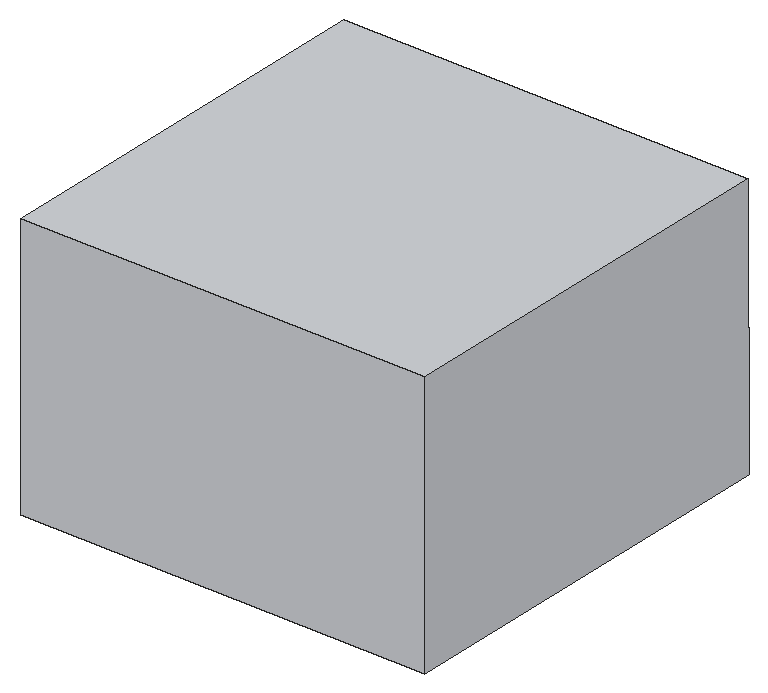
Revit family "Receptacle - Power - Surface", category Electrical Fixtures, host Face, Revit 2017
Family settings
  Host = Face
  Maintain Annotation Orientation = Yes
  Round Connector Dimension = Use Diameter
  Part Type = Normal
  Cut with Voids When Loaded = No
  Shared = No
  Room Calculation Point = No
Parameters (values of type "Emergency")
  WIRE SIZE FACTOR [instance] = 1.25
  VOLTAGE [instance] = 120 V
  VFD LOAD [instance] = no
  Type Comments = ""
  Symbol Visible [instance] = yes
  ScheduleType |RF| = "Elec Equipment Template"
  STANDARD CB SIZE UNITLESS [instance] = STANDARD CB SIZE / 1 A  # 15
  STANDARD CB SIZE [instance] = if(MAIN CIRCUIT BREAKER OVERRIDE, MAIN CIRCUIT BREAKER SIZE CUSTOM, if(MOTOR LOAD, (size_lookup(CIRCUIT BREAKER MOTOR LOOKUP, "STANDARD CB SIZE", FULL LOAD AMPS * CB SIZE MOTOR, (roundup(MINIMUM CB SIZE / 1 A) * 1 A))), if(VFD LOAD, (size_lookup(CIRCUIT BREAKER MOTOR LOOKUP, "STANDARD CB SIZE", FULL LOAD AMPS * CB SIZE VFD, (roundup(MINIMUM CB SIZE / 1 A) * 1 A))), (size_lookup(CIRCUIT BREAKER NON MOTOR LOOKUP, "STANDARD CB SIZE", FULL LOAD AMPS * 1.25, (roundup(MINIMUM CB SIZE / 1 A) * 1 A))))))  # 15 A
  SECONDARY CABLING FROM VFD TO MOTOR [instance] = "Edit This"
  QUANTITY OF MOTORS [instance] = 1
  PROVISIONS OF DISCONNECTING MEANS OTHER THAN DIV 26 [instance] = "Edit This"
  PROVISION OF DISCONNECTING MEANS BY DIV 26 [instance] = "Edit This"
  PROVISION OF CONTROLS/CONTROLLERS UNDER DIVISION OTHER THAN 26 [instance] = "Edit This"
  PROVISION OF CONTROLS/CONTROLLER BY DIV 26 [instance] = "Edit This"
  POLES [instance] = 1
  PHASE CONDUCTOR SIZE LOOKUP = "Phase Conductor Size Lookup"  # constant formula
  PHASE CONDUCTOR SIZE CUSTOM [instance] = "1"
  PHASE CONDUCTOR SIZE [instance] = if(CONDUIT WIRE OVERRIDE, PHASE CONDUCTOR SIZE CUSTOM, if(and(MOTOR LOAD, STANDARD CB SIZE > 30 A), (size_lookup(PHASE CONDUCTOR SIZE LOOKUP, "", "NA", roundup(MINIMUM CIRCUIT AMPACITY / 1 A / 1.25 * WIRE SIZE FACTOR) * 1 A)), if(and(VFD LOAD, STANDARD CB SIZE > 30 A), (size_lookup(PHASE CONDUCTOR SIZE LOOKUP, "", "NA", roundup(MINIMUM CIRCUIT AMPACITY / 1 A / 1.25 * WIRE SIZE FACTOR) * 1 A)), (size_lookup(PHASE CONDUCTOR SIZE LOOKUP, "", "NA", roundup((STANDARD CB SIZE / 1 A / 1.25 * WIRE SIZE FACTOR)) * 1 A)))))  # "#12"
  PHASE CONDUCTOR AREA [instance] = NUMBER OF PHASE CONDUCTORS * (size_lookup(CONDUCTOR AREA LOOKUP, "PHASE CONDUCTOR AREA", 0, roundup(MINIMUM CIRCUIT AMPACITY UNITLESS)))  # 0.0133
  PHASE [instance] = 1
  PARALLEL SET NON MOTOR LOOKUP = "Parallel Set CB Based"  # constant formula
  PARALLEL SET LOOKUP = "Parallel Set Lookup"  # constant formula
  PARALLEL SET CUSTOM [instance] = "1"
  PARALLEL SET [instance] = if(CONDUIT WIRE OVERRIDE, PARALLEL SET CUSTOM, if(MOTOR LOAD, (size_lookup(PARALLEL SET LOOKUP, "", "NA", roundup(MINIMUM CIRCUIT AMPACITY / 1 A) * 1 A)), size_lookup(PARALLEL SET NON MOTOR LOOKUP, "", "NA", STANDARD CB SIZE)))  # "1 SET"
  NUMBER OF PHASE CONDUCTORS CUSTOM [instance] = 1
  NUMBER OF PHASE CONDUCTORS [instance] = 1  # constant formula
  NUMBER OF GROUND CONDUCTORS [instance] = 1
  NEUTRAL REQUIRED [instance] = no
  MOTOR LOOKUP 4 = "120_1 Motor Lookup"  # constant formula
  MOTOR LOOKUP 3 = "208_1 Motor Lookup"  # constant formula
  MOTOR LOOKUP 2 = "208_3 Motor Lookup"  # constant formula
  MOTOR LOOKUP 1 = "480_3 Motor Lookup"  # constant formula
  MOTOR LOAD [instance] = no
  MINIMUM CIRCUIT AMPACITY UNITLESS [instance] = MINIMUM CIRCUIT AMPACITY / 1 A  # 0
  MINIMUM CIRCUIT AMPACITY [instance] = if(ELEVATOR LOAD, FULL LOAD AMPS * 1.4, FULL LOAD AMPS * 1.25)  # 0 A
  MINIMUM CB SIZE [instance] = ((if(MOTOR LOAD, FULL LOAD AMPS * CB SIZE MOTOR, if(ELEVATOR LOAD, FULL LOAD AMPS * CB SIZE ELEVATOR, if(VFD LOAD, FULL LOAD AMPS * CB SIZE VFD, FULL LOAD AMPS * CB SIZE NON MOTOR)))))  # 0 A
  MAIN CIRCUIT BREAKER SIZE CUSTOM [instance] = 0 A
  MAIN CIRCUIT BREAKER OVERRIDE [instance] = no
  Label Visible [instance] = yes
  LOAD CLASSIFICATION [instance] = Power
  INSTANCE DESCRIPTION [instance] = "what is this?"
  ID-TYPE [instance] = "Tag Type"
  ID-INSTANCE [instance] = "Tag #"
  HORSEPOWER [instance] = 20
  GROUND CONDUCTOR SIZE CUSTOM [instance] = "0"
  GROUND CONDUCTOR SIZE [instance] = if(CONDUIT WIRE OVERRIDE, GROUND CONDUCTOR SIZE CUSTOM, size_lookup(GROUND CONDUCTOR LOOKUP, "", "NA", STANDARD CB SIZE))  # "#12 G"
  GROUND CONDUCTOR LOOKUP = "Ground Conductor Lookup"  # constant formula
  GROUND CONDUCTOR AREA LOOKUP = "Ground Conductor Area Lookup"  # constant formula
  GROUND CONDUCTOR AREA [instance] = NUMBER OF GROUND CONDUCTORS * (size_lookup(GROUND CONDUCTOR AREA LOOKUP, "GROUND CONDUCTOR SIZE", 0, STANDARD CB SIZE UNITLESS))  # 0.0133
  FULL LOAD AMPS [instance] = if(QUANTITY OF MOTORS > 1, ((QUANTITY OF MOTORS * APPARENT LOAD) / VOLTAGE / sqrt(PHASE)), (APPARENT LOAD / VOLTAGE / sqrt(PHASE)))  # 0 A
  Emergency = yes
  ELEVATOR LOAD [instance] = no
  Default Elevation = 4' - 0"
  DISCONNECT SWITCH REQUIRED [instance] = no
  DISCONNECT SWITCH AMP SIZE [instance] = if(and(DISCONNECT SWITCH REQUIRED, MINIMUM CIRCUIT AMPACITY < 30 A), 30 A, if(and(DISCONNECT SWITCH REQUIRED, MINIMUM CIRCUIT AMPACITY < 60 A), 60 A, if(and(DISCONNECT SWITCH REQUIRED, MINIMUM CIRCUIT AMPACITY < 100 A), 100 A, if(and(DISCONNECT SWITCH REQUIRED, MINIMUM CIRCUIT AMPACITY < 200 A), 200 A, if(and(DISCONNECT SWITCH REQUIRED, MINIMUM CIRCUIT AMPACITY < 400 A), 400 A, if(and(DISCONNECT SWITCH REQUIRED, MINIMUM CIRCUIT AMPACITY < 600 A), 600 A, if(and(DISCONNECT SWITCH REQUIRED, MINIMUM CIRCUIT AMPACITY < 800 A), 800 A, if(and(DISCONNECT SWITCH REQUIRED, MINIMUM CIRCUIT AMPACITY < 1200 A), 1200 A, if(and(DISCONNECT SWITCH REQUIRED, MINIMUM CIRCUIT AMPACITY < 2000 A), 2000 A, 0 A)))))))))  # 0 A
  Coverplate extension = 0' - 0 1/2"
  Cover Plate Width = 0' - 4"
  Cover Plate Height = 0' - 4"
  CONDUIT WIRE OVERRIDE [instance] = no
  CONDUIT SIZE CUSTOM [instance] = "0"
  CONDUIT SIZE [instance] = if(CONDUIT WIRE OVERRIDE, CONDUIT SIZE CUSTOM, size_lookup(CONDUIT LOOKUP, "", "NA", (if(CONDUIT FILL CALC < 0.213, 0.122, if(CONDUIT FILL CALC < 0.346, 0.213, if(CONDUIT FILL CALC < 0.598, 0.346, if(CONDUIT FILL CALC < 0.814, 0.598, if(CONDUIT FILL CALC < 1.342, 0.814, if(CONDUIT FILL CALC < 1.946, 1.342, if(CONDUIT FILL CALC < 3, 1.946, if(CONDUIT FILL CALC < 4.004, 3, if(CONDUIT FILL CALC < 5.153, 4.004, 0))))))))))))  # "3/4\" C"
  CONDUIT LOOKUP = "Conduit Size Lookup Table"  # constant formula
  CONDUIT FILL CALC [instance] = GROUND CONDUCTOR AREA + PHASE CONDUCTOR AREA  # 0.0266
  CONDUCTOR AREA LOOKUP = "Conductor Area Lookup"  # constant formula
  CIRCUIT BREAKER NON MOTOR LOOKUP = "Circuit Breaker Non Motor Lookup"  # constant formula
  CIRCUIT BREAKER MOTOR LOOKUP = "Circuit Breaker Motor Lookup"  # constant formula
  CB SIZE VFD [instance] = 1.6
  CB SIZE NON MOTOR [instance] = 1.5
  CB SIZE MOTOR [instance] = 2
  CB SIZE ELEVATOR [instance] = 1.4
  Backbox Width = 0' - 4"
  Backbox Height = 0' - 4"
  Backbox Depth = 0' - 2 1/8"
  APPEARS IN EQUIP SCHEDULE [instance] = no
  APPARENT LOAD OVERRIDE VALUE [instance] = 0 VA
  APPARENT LOAD OVERRIDE [instance] = no
  APPARENT LOAD [instance] = if(APPARENT LOAD OVERRIDE, APPARENT LOAD OVERRIDE VALUE, if(and(VOLTAGE = 480 V, PHASE = 3), (size_lookup(MOTOR LOOKUP 1, "APPARENT LOAD", 0 VA, HORSEPOWER)), if(and(VOLTAGE = 208 V, PHASE = 3), (size_lookup(MOTOR LOOKUP 2, "APPARENT LOAD", 0 VA, HORSEPOWER)), if(and(VOLTAGE = 208 V, PHASE = 1), (size_lookup(MOTOR LOOKUP 3, "APPARENT LOAD", 0 VA, HORSEPOWER)), if(and(VOLTAGE = 120 V, PHASE = 1), (size_lookup(MOTOR LOOKUP 4, "APPARENT LOAD", 0 VA, HORSEPOWER)), 0 VA)))))  # 0 VA
Types (2): name | Emergency
  Plain | no
  Emergency | yes
Reference planes (in)
  plane 1 "Center (Front/Back)": y = 0
  plane 2: z = 0
  plane 3 "Center (Left/Right)": x = 0
Forms (in)
  Extrusion 1, solid, detail levels coarse+fine
    sketch origin (0, 0, 0) x (1, 0, 0) y (0, 1, 0)
      loop
        line (-2, 2) -> (-2, -2) -> (2, -2) -> (2, 2) -> (-2, 2)
    from 0 to 2.125
  Extrusion 2, solid, detail levels coarse+fine
    sketch origin (0, 0, 0) x (1, 0, 0) y (0, 1, 0)
      loop
        line (-2, 2) -> (-2, -2) -> (2, -2) -> (2, 2) -> (-2, 2)
    from 2.125 to 2.625
  Extrusion 3, solid, detail levels medium
    sketch origin (0, 0, 0) x (1, 0, 0) y (0, 1, 0)
      loop
        line (-2, 0) -> (-2, -0.0625) -> (2, -0.0625) -> (2, 0) -> (-2, 0)
    from 0 to 0.0625
Cuts and joins
  joined: Extrusion 1, Extrusion 2
Dimensions and locks (in)
  equal spacing: Extrusion 1, plane 3 "Center (Left/Right)", Extrusion 1
  "Backbox Width": Extrusion 1 to Extrusion 1
  equal spacing: Extrusion 1, plane 1 "Center (Front/Back)", Extrusion 1
  "Backbox Height": Extrusion 1 to Extrusion 1
  "Backbox Depth": Extrusion 1 to Extrusion 1
  equal spacing: Extrusion 2, plane 3 "Center (Left/Right)", Extrusion 2
  equal spacing: Extrusion 2, plane 1 "Center (Front/Back)", Extrusion 2
  "Cover Plate Height": Extrusion 2 to Extrusion 2
  "Cover Plate Width": Extrusion 2 to Extrusion 2
  "Coverplate extension": Extrusion 2 to Extrusion 2
  aligned and locked: plane 2 to host face
  aligned and locked: level to host face
  aligned and locked: Extrusion 2 to Extrusion 1
  aligned and locked: Extrusion 1 to plane 2
  aligned and locked: plane 3 "Center (Left/Right)" to nested 1
  aligned and locked: plane 1 "Center (Front/Back)" to nested 1
  aligned and locked: plane 1 "Center (Front/Back)" to Extrusion 3 sketch curve
  aligned and locked: Extrusion 3 sketch curve to cut or joined group of Extrusion 1, Extrusion 2  (x2)
Automatic sketch dimensions
  host sketch curve to host sketch curve = 8' - 0"  (x2)
  Extrusion 1 sketch curve to plane 3 "Center (Left/Right)" = 0' - 2"
  plane 3 "Center (Left/Right)" to Extrusion 1 sketch curve = 0' - 2"
  plane 1 "Center (Front/Back)" to Extrusion 1 sketch curve = 0' - 2"
  Extrusion 1 sketch curve to plane 1 "Center (Front/Back)" = 0' - 2"
  Extrusion 2 sketch curve to plane 3 "Center (Left/Right)" = 0' - 2"
  plane 3 "Center (Left/Right)" to Extrusion 2 sketch curve = 0' - 2"
  plane 1 "Center (Front/Back)" to Extrusion 2 sketch curve = 0' - 2"
  Extrusion 2 sketch curve to plane 1 "Center (Front/Back)" = 0' - 2"
  plane 1 "Center (Front/Back)" to Extrusion 3 sketch curve = 0' - 0 1/16"
Nested families (in)
  nested 1: "A_Power_Recep_Annotation" at (0, 0, 0), visible <- "Symbol Visible", type "A_Power_Recep_Annotation", detail levels coarse+medium
Connectors (in)
  electrical at (0, 2, 1.3125), driven by "POLES", driven by "LOAD CLASSIFICATION", driven by "VOLTAGE", driven by "APPARENT LOAD"
    settings: on cut or joined group of Extrusion 1, Extrusion 2, index 1, voltage 120 V, apparent load 0 VA, apparent load phase1 0 VA, apparent load phase2 0 VA, apparent load phase3 0 VA, power factor 1, load classification "Power", number of poles 1, system type 30, power factor state 1, is connector primary yes, connector utility no, sub classification motor no, connector description ""
Definition of nested family "A_Power_Recep_Annotation"
  Parameters
    Label Visible = yes
    Label = "A"
    Emergency = yes
  Reference planes (in)
    plane 1: y = 0
    plane 2: x = 0
  Lines and regions (in)
    Filled region 1, type "Solid Black", visible <- "Emergency"
      outline origin (0, 0, 0) x (1, 0, 0) y (0, 1, 0)
        loop
          line (-0.04419, 0.23169) -> (0, 0.1875) -> (0.04419, 0.23169)
          arc (0.04419, 0.23169) -> (0, 0.25) -> (-0.04419, 0.23169) r 0.0625
    detail lines
      curve 1: line (0, 0, 0) -> (0, 0.1875, 0)
      curve 2: line (0, 0.1875, 0) -> (-0.04419, 0.23169, 0)
      curve 3: line (0, 0.1875, 0) -> (0.04419, 0.23169, 0)
      curve 4: circle (0, 0.1875, 0) r 0.0625 normal (0, 0, 1)
  Text (in)
    label "A" at (0.00198, 0.32408, 0), shows "Label", visible <- "Label Visible"
